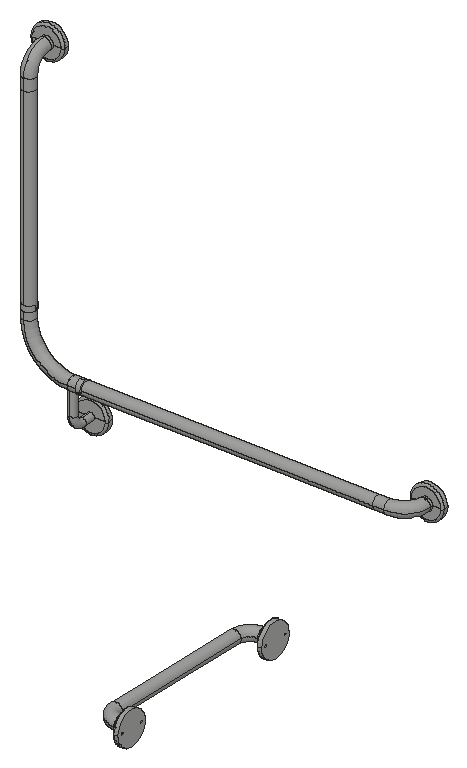
Revit family "RBA4806-346", category Plumbing Fixtures, Revit 2021
Family settings
  Round Connector Dimension = Use Diameter
  Part Type = Normal
  Work Plane-Based = No
  Always vertical = No
  Cut with Voids When Loaded = No
  Shared = No
  Room Calculation Point = No
Parameters
  Watermarked By = "www.rba.com.au"
  URL = "rba.com.au/product-category/accessible-disabled/grab-rails/"
  Phone Number = "1300 788 778"
  OFFSET = 800.00 mm
  Model = "RBA4805-346"
  Materials and Finishes = PVD Gunmetal Stainless Steel
  Manufacturer Model = ""
  Manufacturer = "RBA Group"
  Distance Away from Wall [instance] = 100.00 mm
  Distance Away from Toilet [instance] = 1090.00 mm
  Description = "RH Accessible Rail + 450mm Straight Kit | Brushed Brass"
  Default Elevation = 0.00 mm
  Copyrighted by = "RBA Group"  # constant formula
  Assembly Code = ""
Reference planes
  plane 1 "Center (Front/Back)": y = 0
  plane 2: z = 0
  plane 3: x = 40.5
  plane 4: z = 800
  plane 5: x = 1090.5
  plane 6: x = 990.5
  plane 7: x = 140.5
  plane 8: z = 700
  plane 9: z = 1500
  plane 10: y = -86
  plane 11: y = -54
  plane 12: y = -1074
  plane 13: y = -1090
  plane 14: x = 1035.5
  plane 15: x = 1003.5
  plane 16: z = 816
  plane 17: x = 56.5
  plane 18: x = 46.5
Dimensions and locks
  "OFFSET": plane 4 to plane 2
  plane 11 to plane 1 "Center (Front/Back)" = 54.00 mm
  plane 10 to plane 1 "Center (Front/Back)" = 86.00 mm
  "Distance Away from Wall": plane 6 to plane 5
  locked: plane 12 to plane 13 at 16
  "Distance Away from Toilet": plane 13 to plane 1 "Center (Front/Back)"
Nested families
  nested 1: "RBA4806-911" at (-656, 0, 800), type "RBA4806-911"
  nested 2: "RBA4806-Straight-Series" at (1090.5, -1074, 800) x (0, 1, 0) z (0, 0, -1), type "RBA4806-045"
Definition of nested family "RBA4806-911"
  Parameters (values of type "RBA4806-911")
    Watermarked By = "www.rba.com.au"
    URL = "www.rba.com.au"
    R_Void [instance] = 15.00 mm
    R [instance] = 0.00 mm
    Phone Number = ""
    Modified Issue = ""
    Model = "RBA4806-911"
    Materials and Finishes = none
    Manufacturer Model = "B819436"
    Manufacturer = "RBA Group"
    Description = "RTA SSS Right Hand Single Wall 90° Rail"
    Default Elevation = 0.00 mm
    Copyrighted by = "RBA Group"  # constant formula
    Assembly Code = ""
  Reference planes
    plane 1 "Center (Front/Back)": y = 0
    plane 2: z = 0
    plane 3: x = 40.5
    plane 4: x = 990.5
    plane 5: x = 515.5
    plane 6: z = 700
    plane 7: x = 835.5
    plane 8: z = -100
    plane 9: x = 974.5
    plane 10: z = 16
    plane 11: y = -70
    plane 12: y = -86
    plane 13: y = -54
    plane 14: y = -79.5
    plane 15: y = -60.5
    plane 16: z = -30
    plane 17: z = 30
    plane 18: x = 1606.5
    plane 19: x = 1666.5
    plane 20: z = 670
    plane 21: z = 730
    plane 22: x = 716.5
    plane 23: x = 656.5
    plane 24: z = -130
    plane 25: z = -70
    plane 26: x = 766.5
    plane 27: x = 826.5
  Forms (mm)
    Extrusion 1, solid, material <- "Materials and Finishes"
      sketch origin (1636.5, -2.628, 315.907) x (0, 0, -1) y (-1, 0, 0)
        loop
          circle (315.907, 0) r 40
      from -0.219 to 2.628
    Revolve 2, solid, material <- "Materials and Finishes"
      sketch origin (1636.5, 18.663, 0) x (0, -1, 0) y (1, 0, 0)
        loop
          line (18.663, 0) -> (33.701, 0) -> (32.842, 36.617)
          arc (32.842, 36.617) -> (31.337, 40.077) -> (27.844, 41.5) r 5
          line (27.844, 41.5) -> (18.663, 41.5) -> (18.663, 0)
        axis (18.663, 0) -> (33.701, 0)
      angle from 0 to 360
    Extrusion 3, void
      sketch origin (1636.5, 34.941, 315.907) x (0, 0, -1) y (-1, 0, 0)
        loop
          circle (315.907, 30) r 5
        loop
          circle (315.907, -30) r 5
      from -37.788 to -30
    Sweep 4, solid, material <- "Materials and Finishes"
      path origin (1636.5, 12.454, 0) x (0, -1, 0) y (-1, 0, 0)
        loop
          line (12.454, 0) -> (34.454, 0)
          arc (34.454, 0) -> (68.395, 14.059) -> (82.454, 48) r 48
          line (82.454, 48) -> (82.454, 76)
      profile origin (1636.5, -11, 0) x (1, 0, 0) y (0, 0, 1)
        loop
          circle (0, 0) r 16
    Extrusion 5, solid, material <- "Materials and Finishes"
      sketch origin (686.5, -2.628, 1015.907) x (0, 0, -1) y (-1, 0, 0)
        loop
          circle (315.907, 0) r 40
      from -0.219 to 2.628
    Extrusion 6, void
      sketch origin (686.5, 34.941, 1015.907) x (0, 0, -1) y (-1, 0, 0)
        loop
          circle (315.907, -30) r 5
        loop
          circle (315.907, 30) r 5
      from -37.788 to -30
    Sweep 7, solid, material <- "Materials and Finishes"
      path origin (-13.5, 12.454, 700) x (0, -1, 0) y (0, 0, -1)
        loop
          line (12.454, 0) -> (34.454, 0)
          arc (34.454, 0) -> (68.395, 14.059) -> (82.454, 48) r 48
          line (82.454, 48) -> (82.454, 76)
      profile origin (-13.5, -11, 700) x (0, 0, -1) y (1, 0, 0)
        loop
          circle (0, 700) r 16
    Revolve 8, solid, material <- "Materials and Finishes"
      sketch origin (686.5, 18.663, 700) x (0, -1, 0) y (1, 0, 0)
        loop
          line (18.663, 0) -> (18.663, -41.5) -> (27.844, -41.5)
          arc (27.844, -41.5) -> (31.337, -40.077) -> (32.842, -36.617) r 5
          line (32.842, -36.617) -> (33.701, 0) -> (18.663, 0)
        axis (18.663, 0) -> (33.701, 0)
      angle from 0 to 360
    Sweep 9, solid, material <- "Materials and Finishes"
      path origin (1677, 0, 0) x (-1, 0, 0) y (0, 0, -1)
        loop
          line (116.5, 0) -> (880.5, 0)
          arc (880.5, 0) -> (958.282, -32.218) -> (990.5, -110) r 110
          line (990.5, -110) -> (990.5, -624)
      profile origin (1178.5, 0, 0) x (0, 0, -1) y (0, -1, 0)
        loop
          circle (0, 70) r 16
    Extrusion 10, solid, material <- "Materials and Finishes"
      sketch origin (796.5, -2.628, 215.907) x (0, 0, -1) y (-1, 0, 0)
        loop
          circle (315.907, 0) r 40
      from -0.219 to 2.628
    Revolve 11, solid, material <- "Materials and Finishes"
      sketch origin (796.5, 18.663, -100) x (0, -1, 0) y (1, 0, 0)
        loop
          line (18.663, 0) -> (33.701, 0) -> (32.842, 36.617)
          arc (32.842, 36.617) -> (31.337, 40.077) -> (27.844, 41.5) r 5
          line (27.844, 41.5) -> (18.663, 41.5) -> (18.663, 0)
        axis (18.663, 0) -> (33.701, 0)
      angle from 0 to 360
    Sweep 12, solid, material <- "Materials and Finishes"
      path origin (796.5, 12.454, -100) x (0, -1, 0) y (0, 0, 1)
        loop
          line (12.454, 0) -> (54.454, 0)
          arc (54.454, 0) -> (74.253, 8.201) -> (82.454, 28) r 28
          line (82.454, 28) -> (82.454, 100)
      profile origin (796.5, -21, -100) x (0, 0, 1) y (-1, 0, 0)
        loop
          circle (0, 0) r 9.5
    Extrusion 13, void
      sketch origin (796.5, 34.941, 215.907) x (0, 0, -1) y (-1, 0, 0)
        loop
          circle (315.907, 30) r 5
        loop
          circle (315.907, -30) r 5
      from -37.788 to -30
    Extrusion 14, solid, material <- "Materials and Finishes"
      sketch origin (1677, 0, 0) x (-1, 0, 0) y (0, -1, 0)
        loop
          circle (990.5, 70) r 17
      from 142 to 130
    Extrusion 15, solid, material <- "Materials and Finishes"
      sketch origin (1026.5, 0, 990.5) x (0, 0, -1) y (0, -1, 0)
        loop
          circle (990.5, 70) r 17
      from 210 to 198
  Cuts and joins
    Extrusion 3 cuts Extrusion 1
    Extrusion 6 cuts Extrusion 5
    Extrusion 13 cuts Extrusion 10
    Extrusion 3 cuts Revolve 2
    Extrusion 6 cuts Revolve 8
    Extrusion 13 cuts Revolve 11
    joined: Revolve 2, Sweep 4, Sweep 7, Revolve 8, Sweep 9, Revolve 11, Sweep 12
  Dimensions and locks
    level to plane 8 = 100.00 mm
    plane 6 to level = 700.00 mm
    plane 4 to plane 7 = 155.00 mm
    plane 4 to plane 3 = 950.00 mm
    Revolve 2 sketch curve to Revolve 2 sketch curve = 41.50 mm
    plane 17 to plane 16 = 60.00 mm
    plane 18 to plane 19 = 60.00 mm
    plane 21 to plane 20 = 60.00 mm
    plane 23 to plane 22 = 60.00 mm
    Revolve 8 sketch curve to Revolve 8 sketch curve = 41.50 mm
    Revolve 11 sketch curve to Revolve 11 sketch curve = 41.50 mm
    plane 25 to plane 24 = 60.00 mm
    plane 26 to plane 27 = 60.00 mm
    radius of Extrusion 1 sketch curve = 40.00 mm
    radius of Sweep 4 sketch curve = 16.00 mm
    radius of Extrusion 5 sketch curve = 40.00 mm
    radius of Sweep 7 sketch curve = 16.00 mm
    radius of Extrusion 10 sketch curve = 40.00 mm
    radius of Sweep 12 sketch curve = 9.50 mm
    aligned and locked: Revolve 2 to Extrusion 1
    aligned and locked: Revolve 11 to Extrusion 10
Definition of nested family "RBA4806-Straight-Series"
  Parameters (values of type "RBA4806-045")
    Watermarked By = "www.rba.com.au"
    URL = "www.rba.com.au"
    Phone Number = ""
    OFFSET [instance] = 800.00 mm
    Modified Issue = "20191004.01"
    Model = "RBA4000-045"
    Materials & Finishes = none
    Manufacturer = "RBA Group"  # constant formula
    Lgth = 450.00 mm
    Diameter = 32.00 mm
    Description = "Straight Grab Rail 450mm"
    Default Elevation = 0.00 mm
    Copyright by = "RBA Group"  # constant formula
  Types (9, lengths in mm): name | URL | Phone Number | Modified Issue | Model | Lgth | Description
    RBA4806-030 | "www.rba.com.au" | "" | "20190510.1" | "RBA4000-030" | 300.00 | "Straight Grab Rail 300mm"
    RBA4806-045 | "www.rba.com.au" | "" | "20191004.01" | "RBA4000-045" | 450.00 | "Straight Grab Rail 450mm"
    RBA4806-060 | "www.rba.com.au" | "" | "" | "RBA4806-Straight-Series" | 600.00 | "RTA SSS Straight Grabrail"
    RBA4806-070 | "www.rba.com.au" | "" | "20191004.01" | "RBA4000-075" | 700.00 | "Straight Grab Rail 750mm"
    RBA4806-090 | "www.rba.com.au" | "" | "20191004.01" | "RBA4000-090" | 900.00 | "Straight Grab Rail 900mm"
    RBA4806-080 | "http://www.rba.com.au/accessible-disabled/grab-rails" | "1300 788 778" | "20191004.01" | "RBA4000-080" | 800.00 | "Straight Grab Rail 800mm"
    RBA4806-100 | "http://www.rba.com.au/accessible-disabled/grab-rails" | "1300 788 778" | "20191004.01" | "RBA4000-100" | 1000.00 | "Straight Grab Rail 1000mm"
    RBA4806-120 | "http://www.rba.com.au/accessible-disabled/grab-rails" | "1300 788 778" | "20191004.01" | "RBA4000-120" | 1200.00 | "Straight Grab Rail 1200mm"
    RBA4806-040 | "www.rba.com.au" | "" | "20191108.1" | "RBA4000-040" | 400.00 | "Straight Grab Rail 400mm"
  Reference planes
    plane 1 "Center (Front/Back)": y = 0
    plane 2: z = 0
    plane 3 "Center (Left/Right)": x = 0
    plane 4: x = 0
    plane 5: x = 0
    plane 6: y = -57
    plane 7: y = -89
    plane 8: x = 450
    plane 9: z = 16
    plane 10: z = -16
  Forms (mm)
    Sweep 1, solid, material <- "Materials & Finishes"
      path origin (-273.954, -750, 0) x (0, -1, 0) y (1, 0, 0)
        loop
          line (-740, 723.954) -> (-719, 723.954)
          arc (-719, 723.954) -> (-690.716, 712.239) -> (-679, 683.954) r 40
          line (-679, 683.954) -> (-679, 313.954)
          arc (-679, 313.954) -> (-690.716, 285.67) -> (-719, 273.954) r 40
          line (-719, 273.954) -> (-740, 273.954)
      profile origin (225, -71, 0) x (0, -1, 0) y (0, 0, 1)
        loop
          circle (0, 0) r 16
    Extrusion 2, solid, material <- "Materials & Finishes"
      sketch origin (62.5, -2.628, -315.907) x (0, 0, 1) y (1, 0, 0)
        loop
          circle (315.907, -62.5) r 40
      from -0.206 to 2.628
    Revolve 3, solid, material <- "Materials & Finishes"
      sketch origin (62.5, 18.663, 0) x (-1, 0, 0) y (0, -1, 0)
        loop
          line (62.5, 18.663) -> (104, 18.663) -> (104, 28.968)
          arc (104, 28.968) -> (103.207, 31.014) -> (101.243, 31.992) r 3.037
          arc (101.243, 31.992) -> (81.892, 33.334) -> (62.5, 33.781) r 420.249
          line (62.5, 33.781) -> (62.5, 18.663)
        axis (62.5, 18.663) -> (62.5, 33.781)
      angle from 0 to 360
    Extrusion 4, void
      sketch origin (62.704, 34.941, -270.785) x (-0.515038, 0, 0.857167) y (0.857167, 0, 0.515038)
        loop
          circle (248.952, 111.432) r 4.75
        loop
          circle (279.854, 60.002) r 4.75
      from -37.775 to -34.941
    Extrusion 5, solid, material <- "Materials & Finishes"
      sketch origin (237.5, -2.628, -315.907) x (0, 0, 1) y (1, 0, 0)
        loop
          circle (315.907, 212.5) r 40
      from -0.206 to 2.628
    Revolve 6, solid, material <- "Materials & Finishes"
      sketch origin (237.5, 18.663, 0) x (-1, 0, 0) y (0, -1, 0)
        loop
          line (-212.5, 18.663) -> (-212.5, 33.781)
          arc (-212.5, 33.781) -> (-231.892, 33.334) -> (-251.243, 31.992) r 420.249
          arc (-251.243, 31.992) -> (-253.207, 31.014) -> (-254, 28.968) r 3.037
          line (-254, 28.968) -> (-254, 18.663) -> (-212.5, 18.663)
        axis (-212.5, 18.663) -> (-212.5, 33.781)
      angle from 0 to 360
    Extrusion 7, void
      sketch origin (362.704, 34.941, -270.785) x (-0.515038, 0, 0.857167) y (0.857167, 0, 0.515038)
        loop
          circle (202.599, 188.577) r 4.75
        loop
          circle (171.696, 240.007) r 4.75
      from -37.775 to -34.941
  Cuts and joins
    Extrusion 7 cuts Sweep 1
    Extrusion 4, Extrusion 7 cuts Extrusion 2
    Extrusion 4, Extrusion 7 cuts Revolve 3
    Extrusion 7 cuts Extrusion 5
    Extrusion 7 cuts Revolve 6
    joined: Sweep 1, Extrusion 2, Revolve 3, Extrusion 5, Revolve 6
  Dimensions and locks
    "Lgth": plane 3 "Center (Left/Right)" to plane 8
    radius of Sweep 1 sketch curve = 16.00 mm
    aligned and locked: level to plane 2
    aligned and locked: Revolve 3 to Extrusion 2
    aligned and locked: Extrusion 2 to Extrusion 4
    aligned and locked: Revolve 6 to Extrusion 5
  Automatic sketch dimensions
    Sweep 1 sketch curve to plane 8 = 0.00 mm
    Sweep 1 sketch curve to plane 3 "Center (Left/Right)" = 0.00 mm
    plane 6 to Sweep 1 sketch curve = 26.00 mm  (x2)
    Sweep 1 sketch curve to plane 6 = 14.00 mm
    plane 1 "Center (Front/Back)" to Sweep 1 sketch curve = 10.00 mm  (x2)
    Sweep 1 sketch curve to profile plane = 0.00 mm  (x2)
    Extrusion 2 sketch curve to level = 0.00 mm
    Extrusion 2 sketch curve to plane 3 "Center (Left/Right)" = 0.00 mm
    plane 1 "Center (Front/Back)" to Revolve 3 sketch curve = 0.00 mm
    Revolve 3 sketch curve to plane 3 "Center (Left/Right)" = 0.00 mm  (x2)
    plane 1 "Center (Front/Back)" to Revolve 3 sketch curve = 10.305 mm
    Revolve 3 sketch curve to plane 3 "Center (Left/Right)" = 38.463 mm
    Revolve 3 sketch curve to Revolve 3 sketch curve = 3.037 mm
    Revolve 3 sketch curve to plane 1 "Center (Front/Back)" = 405.131 mm
    Revolve 3 sketch curve to Revolve 3 sketch curve = 15.118 mm
    Revolve 3 sketch curve to plane 1 "Center (Front/Back)" = 21.537 mm
    Revolve 3 sketch curve to Revolve 3 sketch curve = 0.00 mm
    plane 6 to Revolve 3 sketch curve = 13.537 mm
    Extrusion 5 sketch curve to level = 0.00 mm
    plane 8 to Extrusion 5 sketch curve = 0.00 mm
    plane 1 "Center (Front/Back)" to Revolve 6 sketch curve = 0.00 mm
    Revolve 6 sketch curve to plane 8 = 0.00 mm  (x2)
    plane 1 "Center (Front/Back)" to Revolve 6 sketch curve = 10.305 mm
    Revolve 6 sketch curve to plane 8 = 38.463 mm
    Revolve 6 sketch curve to Revolve 6 sketch curve = 3.037 mm
    Revolve 6 sketch curve to plane 1 "Center (Front/Back)" = 405.131 mm
    Revolve 6 sketch curve to Revolve 6 sketch curve = 15.118 mm
    Revolve 6 sketch curve to plane 1 "Center (Front/Back)" = 21.537 mm
    Revolve 6 sketch curve to Revolve 6 sketch curve = 0.00 mm
    plane 6 to Revolve 6 sketch curve = 13.537 mm
    Extrusion 7 sketch curve to level = 0.00 mm  (x2)
    Extrusion 7 sketch curve to plane 8 = 30.00 mm
    Extrusion 7 sketch curve to Extrusion 7 sketch curve = 30.902 mm
    Extrusion 4 sketch curve to level = 0.00 mm  (x2)
    plane 3 "Center (Left/Right)" to Extrusion 4 sketch curve = 30.00 mm
    Extrusion 4 sketch curve to Extrusion 4 sketch curve = 30.902 mm
    radius of Extrusion 2 sketch curve = 40.00 mm
    radius of Extrusion 5 sketch curve = 40.00 mm
    radius of Extrusion 7 sketch curve = 4.75 mm  (x2)
    radius of Extrusion 4 sketch curve = 4.75 mm  (x2)
